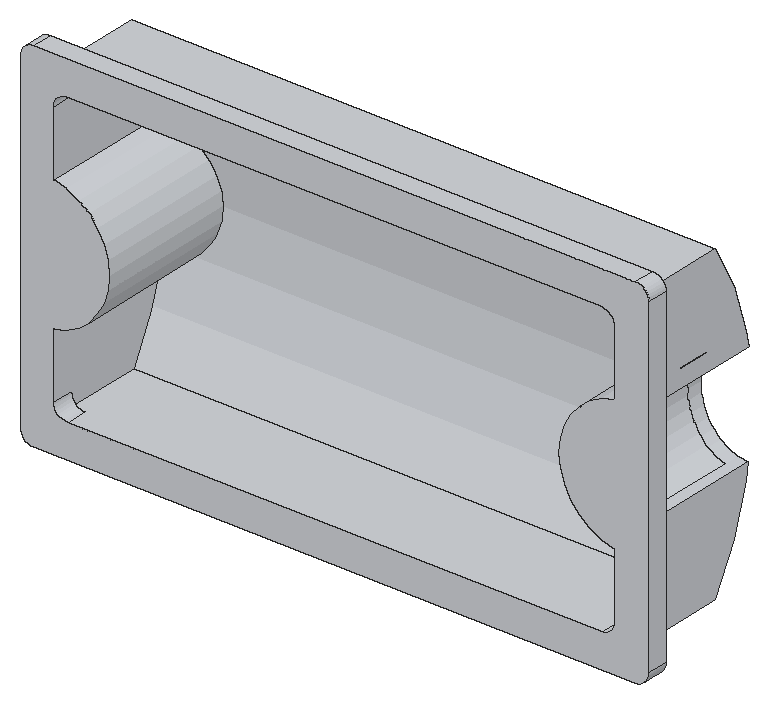
Revit family "E_FF130 Double Socket Insert-35mm", category Specialty Equipment, Revit 2015
Parameters (values of type "Firefly 1130 Double Switch Insert 35mm Deep")
  Youtube Clip = ""
  Width = 80 mm
  URL = "https://www.tenmat.com/passive-fire-protection/"
  Tenmat Item Number = ""
  Performance = "BS EN 1366-3:2009 & BS 476, ETA-12/0332, 1224-CPR-0341, CE Marked"
  Material/Grade = "FF130"
  Manufacturer = "Tenmat ltd"
  Length = 80 mm
  IFC Classification = "Building Element Proxy"
  Description = "Firefly 1130 Double Switch Insert 35mm"
  Height = 35 mm
Reference planes
  plane 1 "Center (Front/Back)": y = -221.235
  plane 2: z = 0
  plane 3 "Center (Left/Right)": x = 0
  plane 4: y = -246.007
  plane 5: x = -70
  plane 6: x = 70
  plane 7 "Height": z = 40
  plane 8: z = -40
  plane 9: y = -241.235
  plane 10: y = -211.01
  plane 11: z = 32.5
  plane 12: x = 62.5
  plane 13: x = -62.5
  plane 14: z = -32.5
  plane 15: z = -35
  plane 16: z = 35
  plane 17: x = -65
  plane 18: x = 65
Forms (mm)
  Extrusion 1, solid
    sketch origin (-226.673, -246.007, 0) x (-1, 0, 0) y (0, 0, -1)
      loop
        arc (-156.673, 37) -> (-157.552, 39.121) -> (-159.673, 40) r 3
        line (-159.673, 40) -> (-293.673, 40)
        arc (-293.673, 40) -> (-295.794, 39.121) -> (-296.673, 37) r 3
        line (-296.673, 37) -> (-296.673, -37)
        arc (-296.673, -37) -> (-295.794, -39.121) -> (-293.673, -40) r 3
        line (-293.673, -40) -> (-159.673, -40)
        arc (-159.673, -40) -> (-157.552, -39.121) -> (-156.673, -37) r 3
        line (-156.673, -37) -> (-156.673, 37)
    from -4.772 to 0
  Extrusion 2, void
    sketch origin (-226.673, -246.007, 0) x (-1, 0, 0) y (0, 0, -1)
      loop
        arc (-286.173, 32.5) -> (-288.294, 31.621) -> (-289.173, 29.5) r 3
        line (-289.173, 29.5) -> (-289.173, -29.5)
        arc (-289.173, -29.5) -> (-288.294, -31.621) -> (-286.173, -32.5) r 3
        line (-286.173, -32.5) -> (-167.173, -32.5)
        arc (-167.173, -32.5) -> (-165.052, -31.621) -> (-164.173, -29.5) r 3
        line (-164.173, -29.5) -> (-164.173, 29.5)
        arc (-164.173, 29.5) -> (-165.052, 31.621) -> (-167.173, 32.5) r 3
        line (-167.173, 32.5) -> (-286.173, 32.5)
    from -4.772 to 0
  Extrusion 3, solid
    sketch origin (-226.673, -246.007, 0) x (-1, 0, 0) y (0, 0, -1)
      loop
        line (-291.673, 15) -> (-291.673, -15)
        arc (-291.673, -15) -> (-276.673, 0) -> (-291.673, 15) r 15
    from -34.998 to 0
  Extrusion 4, solid
    sketch origin (226.673, -246.007, 0) x (1, 0, 0) y (0, 0, 1)
      loop
        arc (-291.673, -15) -> (-276.673, 0) -> (-291.673, 15) r 15
        line (-291.673, 15) -> (-291.673, -15)
    from -34.998 to 0
  Extrusion 5, solid
    sketch origin (226.673, -246.007, 0) x (1, 0, 0) y (0, 0, 1)
      loop
        arc (-291.673, -15) -> (-276.673, 0) -> (-291.673, 15) r 15
        line (-291.673, 15) -> (-291.673, -15)
    from -34.998 to 0
  Extrusion 6, void
    sketch origin (-226.673, -246.007, 0) x (-1, 0, 0) y (0, 0, -1)
      loop
        line (-291.673, 11.5) -> (-294.172, 11.5) -> (-294.172, -11.5) -> (-291.673, -11.5)
        arc (-291.673, -11.5) -> (-280.173, 0) -> (-291.673, 11.5) r 11.5
    from -34.998 to -4.772
  Extrusion 7, void
    sketch origin (226.673, -246.007, 0) x (1, 0, 0) y (0, 0, 1)
      loop
        arc (-291.673, -11.5) -> (-280.173, 0) -> (-291.673, 11.5) r 11.5
        line (-291.673, 11.5) -> (-294.172, 11.5) -> (-294.172, -11.5) -> (-291.673, -11.5)
    from -34.998 to -4.772
  Extrusion 8, solid
    sketch origin (0, 0, 0) x (0, 1, 0) y (0, 0, 1)
      loop
        line (-241.235, 35) -> (-241.235, -35) -> (-221.235, -35)
        arc (-221.235, -35) -> (-211.01, 0) -> (-221.235, 35) r 65.012
        line (-221.235, 35) -> (-241.235, 35)
    from -65 to 65
  Extrusion 9, void
    sketch origin (0, 0, 0) x (0, 1, 0) y (0, 0, 1)
      loop
        line (-241.235, 32.5) -> (-241.235, -32.5) -> (-223.797, -32.5)
        arc (-223.797, -32.5) -> (-214.51, 0) -> (-223.797, 32.5) r 61.512
        line (-223.797, 32.5) -> (-241.235, 32.5)
    from -62.5 to 62.5
  Extrusion 10, void
    sketch origin (226.673, -246.007, 0) x (1, 0, 0) y (0, 0, 1)
      loop
        arc (-291.673, -11.5) -> (-280.173, 0) -> (-291.673, 11.5) r 11.5
        line (-291.673, 11.5) -> (-294.172, 11.5) -> (-294.172, -11.5) -> (-291.673, -11.5)
    from -34.998 to -4.772
  Extrusion 11, void
    sketch origin (-226.673, -246.007, 0) x (-1, 0, 0) y (0, 0, -1)
      loop
        line (-291.673, 11.5) -> (-294.172, 11.5) -> (-294.172, -11.5) -> (-291.673, -11.5)
        arc (-291.673, -11.5) -> (-280.173, 0) -> (-291.673, 11.5) r 11.5
    from -34.998 to -4.772
  Extrusion 12, void
    sketch origin (0, 0, 0) x (0, 1, 0) y (0, 0, 1)
      loop
        line (-221.235, -35) -> (-221.235, -40) -> (-196.235, -40) -> (-196.235, 40) -> (-221.235, 40) -> (-221.235, 35)
        arc (-221.235, 35) -> (-211.01, 0) -> (-221.235, -35) r 65.012
    from -70 to 70
Cuts and joins
  Extrusion 2, Extrusion 6, Extrusion 7, Extrusion 10, Extrusion 11 cuts Extrusion 1
  Extrusion 6, Extrusion 11, Extrusion 12 cuts Extrusion 3
  Extrusion 7, Extrusion 10, Extrusion 12 cuts Extrusion 4
  Extrusion 7, Extrusion 10, Extrusion 12 cuts Extrusion 5
  Extrusion 9, Extrusion 10, Extrusion 11, Extrusion 12 cuts Extrusion 8
  joined: Extrusion 1, Extrusion 3, Extrusion 4, Extrusion 5, Extrusion 8
Dimensions and locks
  equal spacing: plane 7 "Height", level, plane 8
  equal spacing: plane 6, plane 3 "Center (Left/Right)", plane 5
  plane 4 to plane 9 = 4.772 mm
  plane 4 to plane 1 "Center (Front/Back)" = 24.772 mm
  plane 6 to plane 5 = 140 mm
  plane 7 "Height" to plane 8 = 80 mm
  plane 4 to plane 10 = 34.998 mm  (x2)
  plane 12 to plane 13 = 125 mm
  plane 9 to plane 1 "Center (Front/Back)" = 20 mm
  plane 13 to plane 17 = 2.5 mm
  aligned and locked: level to plane 2
Automatic sketch dimensions
  plane 6 to Extrusion 1 sketch curve = 0 mm
  Extrusion 1 sketch curve to plane 7 "Height" = 0 mm
  Extrusion 1 sketch curve to plane 8 = 0 mm
  Extrusion 1 sketch curve to plane 5 = 0 mm
  plane 6 to Extrusion 1 sketch curve = 3 mm  (x2)
  plane 5 to Extrusion 1 sketch curve = 3 mm  (x2)
  plane 6 to Extrusion 2 sketch curve = 7.5 mm
  Extrusion 2 sketch curve to Extrusion 2 sketch curve = 3 mm  (x3)
  plane 5 to Extrusion 2 sketch curve = 10.5 mm  (x2)
  Extrusion 2 sketch curve to plane 7 "Height" = 7.5 mm
  Extrusion 2 sketch curve to plane 8 = 10.5 mm
  Extrusion 3 sketch curve to level = 0 mm
  plane 6 to Extrusion 3 sketch curve = 5 mm
  level to Extrusion 3 sketch curve = 15 mm
  Extrusion 4 sketch curve to level = 0 mm
  plane 5 to Extrusion 4 sketch curve = 5 mm
  Extrusion 4 sketch curve to level = 15 mm
  Extrusion 5 sketch curve to level = 0 mm
  plane 5 to Extrusion 5 sketch curve = 5 mm
  Extrusion 5 sketch curve to level = 15 mm
  Extrusion 6 sketch curve to level = 0 mm
  plane 6 to Extrusion 6 sketch curve = 2.501 mm
  Extrusion 6 sketch curve to Extrusion 6 sketch curve = 2.499 mm
  level to Extrusion 6 sketch curve = 11.5 mm
  Extrusion 7 sketch curve to level = 0 mm
  plane 5 to Extrusion 7 sketch curve = 2.501 mm
  Extrusion 7 sketch curve to Extrusion 7 sketch curve = 2.499 mm
  Extrusion 7 sketch curve to level = 11.5 mm
  Extrusion 8 sketch curve to level = 0 mm
  Extrusion 8 sketch curve to plane 9 = 0 mm
  Extrusion 8 sketch curve to plane 1 "Center (Front/Back)" = 0 mm
  plane 15 to Extrusion 8 sketch curve = 0 mm
  Extrusion 8 sketch curve to plane 16 = 0 mm
  plane 4 to Extrusion 8 sketch curve = 30.014 mm
  Extrusion 9 sketch curve to level = 0 mm
  Extrusion 9 sketch curve to plane 9 = 0 mm
  Extrusion 9 sketch curve to plane 11 = 0 mm
  plane 14 to Extrusion 9 sketch curve = 0 mm
  plane 4 to Extrusion 9 sketch curve = 30.014 mm
  plane 1 "Center (Front/Back)" to Extrusion 9 sketch curve = 2.561 mm
  Extrusion 10 sketch curve to plane 17 = 0 mm
  Extrusion 10 sketch curve to level = 0 mm
  Extrusion 10 sketch curve to Extrusion 10 sketch curve = 2.499 mm
  Extrusion 10 sketch curve to Extrusion 10 sketch curve = 11.5 mm
  plane 18 to Extrusion 11 sketch curve = 0 mm
  Extrusion 11 sketch curve to level = 0 mm
  Extrusion 11 sketch curve to plane 18 = 2.499 mm
  Extrusion 11 sketch curve to Extrusion 11 sketch curve = 11.5 mm
  Extrusion 12 sketch curve to level = 0 mm
  Extrusion 12 sketch curve to plane 1 "Center (Front/Back)" = 0 mm  (x2)
  plane 8 to Extrusion 12 sketch curve = 0 mm
  Extrusion 12 sketch curve to plane 7 "Height" = 0 mm
  plane 15 to Extrusion 12 sketch curve = 0 mm
  plane 4 to Extrusion 12 sketch curve = 30.014 mm
  plane 10 to Extrusion 12 sketch curve = 14.774 mm
